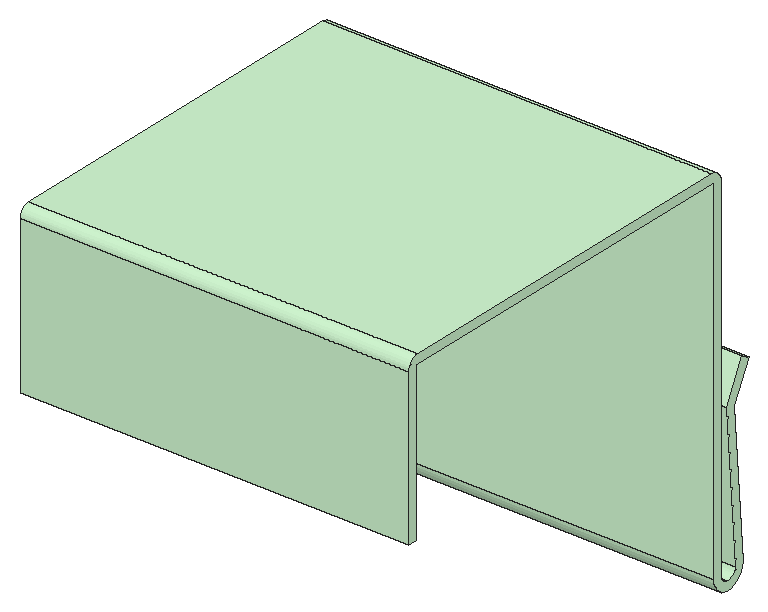
Revit family "sqspacer_w35", category 機械設備, Revit 2020
Family settings
  丸型コネクタ寸法 = 直径を使用
  種別 = なし
  パーツ タイプ = 標準
  作業面ベース = いいえ
  常に垂直 = はい
  ロード時にボイドで切り取り = いいえ
  共有 = いいえ
  部屋計算ポイント = いいえ
Parameters
  製造元 = "株式会社桐井製作所"
  既定の高さ = 0 mm
  URL = "https://www.kirii.co.jp/"
  K_材質 = "溶融亜鉛めっき鋼板"
  K_品名 = "SQ-スペーサーW35"
  K_名称 = "SQ-BAR関連部材"
  K_入数 = "400"
  K_バージョン情報 = "20210524"
Reference planes
  plane 1 "中心(正面/背面)": y = 0
  plane 2: z = 0
  plane 3 "中心(左/右)": x = 0
Forms (mm)
  Extrusion 1, solid
    sketch origin (-17.5, 0, 0) x (0, 1, 0) y (0, 0, 1)
      loop
        line (-1.685, 34.5) -> (-34.785, 34.5)
        arc (-34.785, 34.5) -> (-35.494, 34.206) -> (-35.785, 33.496) r 1
        line (-35.785, 33.496) -> (-35.785, 19.5) -> (-34.985, 19.5) -> (-34.985, 33.7) -> (-1.485, 33.7) -> (-1.485, 1.6)
        arc (-1.485, 1.6) -> (-0.957, 0.494) -> (0.165, 0) r 1.763
        arc (0.165, 0) -> (1.286, 0.494) -> (1.815, 1.6) r 1.763
        line (1.815, 1.6) -> (0.815, 14.7) -> (2.436, 17.942) -> (1.72, 18.3) -> (0, 14.86) -> (1.013, 1.588)
        arc (1.013, 1.588) -> (0.733, 1.039) -> (0.165, 0.8) r 0.897
        arc (0.165, 0.8) -> (-0.408, 1.043) -> (-0.685, 1.6) r 0.897
        line (-0.685, 1.6) -> (-0.685, 33.5)
        arc (-0.685, 33.5) -> (-0.978, 34.207) -> (-1.685, 34.5) r 1
    from 0 to 35
Dimensions and locks
  aligned and locked: level to plane 2
